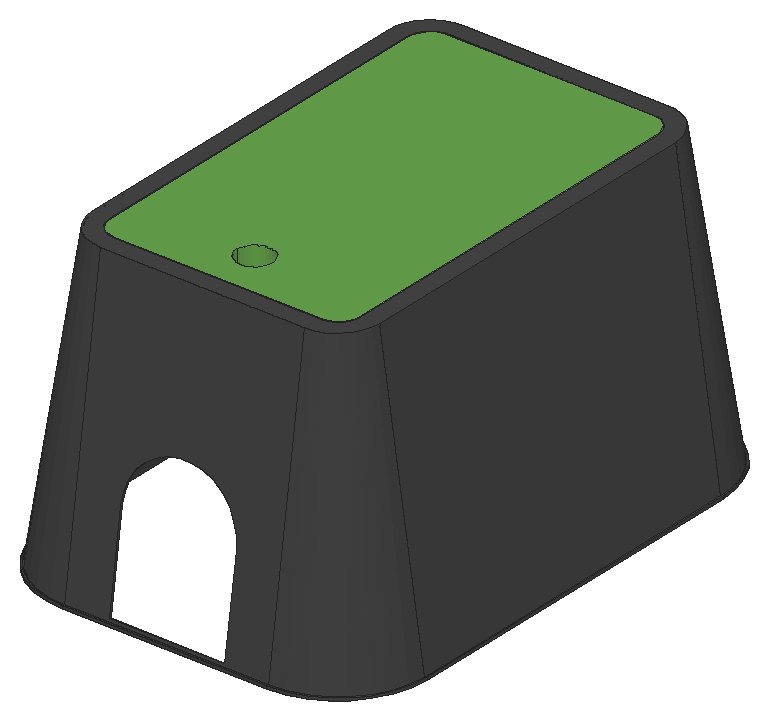
Revit family "PVB Professional Series - Mini Standard Valve Box", category Acessórios do tubo, Revit 2020
Family settings
  Cota do conector redondo = Utilizar diâmetro
  Tipo de parte = Normal
  Número OmniClass = 23.60.00.00
  Título OmniClass = General Purpose: Services
  Com base no plano de trabalho = Não
  Sempre na vertical = Sim
  Corte com vazios quando carregada = Não
  Compartilhado = Não
Parameters (values of type "Mini Standard Valve Box")
  DDT4 = 0.1 cm
  URL = "https://www.rainbird.com/"
  Top Width = 24.13 cm
  Top Length = 38.1 cm
  Top = 38.1 cm
  SupportProjetos: Reviw Date = ""  # constant formula
  SupportProjetos: Reviw = "R00"  # constant formula
  SupportProjetos: Level of Detail = "LOD300"  # constant formula
  SupportProjetos: Developed = "MICHEL SOARES MOTA"  # constant formula
  SupportProjetos: Creation Date = "05/09/2020"  # constant formula
  RainBird: Product Link = "https://www.rainbird.com/"
  RainBird: Description = "PVB Professional Series - Mini Standard Valve Box"
  RainBird: Comment = ""
  RainBird: Code = "A12516"  # constant formula
  R = 3.5 cm
  Plastic 2 = Green
  Plastic 1 = Black
  Open/Close Box [instance] = yes
  Modelo = "STDEXT"
  Height = 25.4 cm
  Elevação padrão = 0 cm
  Descrição = RainBird: Description  # "PVB Professional Series - Mini Standard Valve Box"
  DDT6 = 1.5 cm
  DDT5 = 2 cm
  DDT3 = Bottom / 2  # 22.8494 cm
  DDT2 = Top / 2  # 19.05 cm
  DDT1 = 0.1 cm
  Bottom = 45.6989 cm
Reference planes (cm)
  plane 1 "Centro (Frente/Trás)": y = 0
  plane 2: z = 0
  plane 3 "Centro (Esquerda/Direita)": x = 0
Forms (cm)
  Sweep 1, solid, material "Black" <- "Plastic 1"
    path origin (0, 0, 0) x (1, 0, 0) y (0, 1, 0)
      loop
        arc (-8.565, 19.05) -> (-11.0399, 18.0249) -> (-12.065, 15.55) r 3.5
        line (-12.065, 15.55) -> (-12.065, -15.55)
        arc (-12.065, -15.55) -> (-11.0399, -18.0249) -> (-8.565, -19.05) r 3.5
        line (-8.565, -19.05) -> (8.565, -19.05)
        arc (8.565, -19.05) -> (11.0399, -18.0249) -> (12.065, -15.55) r 3.5
        line (12.065, -15.55) -> (12.065, 15.55)
        arc (12.065, 15.55) -> (11.0399, 18.0249) -> (8.565, 19.05) r 3.5
        line (8.565, 19.05) -> (-8.565, 19.05)
    profile origin (0, 19.05, 0) x (0, 1, 0) y (0, 0, 1)
      loop
        line (0, 0) -> (-1.5, 0) -> (-1.5, -0.1) -> (-0.0861, -0.1) -> (3.7133, -25.4) -> (4.0274, -25.4) -> (4.0274, -25.2) -> (3.9274, -25.2) -> (3.9274, -25.3) -> (3.7994, -25.3) -> (0, 0)
  Extrusion 2, solid, material "Green" <- "Plastic 2", visible <- "Open/Close Box"
    sketch origin (0, 0, 0) x (1, 0, 0) y (0, 1, 0)
      loop
        arc (-10.465, -15.6511) -> (-9.9381, -16.9231) -> (-8.6661, -17.45) r 1.7989
        line (-8.6661, -17.45) -> (8.6661, -17.45)
        arc (8.6661, -17.45) -> (9.9381, -16.9231) -> (10.465, -15.6511) r 1.7989
        line (10.465, -15.6511) -> (10.465, 15.55)
        arc (10.465, 15.55) -> (9.9085, 16.8935) -> (8.565, 17.45) r 1.9
        line (8.565, 17.45) -> (-8.6661, 17.45)
        arc (-8.6661, 17.45) -> (-9.9381, 16.9231) -> (-10.465, 15.6511) r 1.7989
        line (-10.465, 15.6511) -> (-10.465, -15.6511)
    from -2 to 0
  Extrusion 3, void
    sketch origin (0, 0, 0) x (1, 0, 0) y (0, 0, 1)
      loop
        line (-4.8436, -24.9953) -> (4.8436, -24.9953) -> (4.8436, -16.9953)
        arc (4.8436, -16.9953) -> (0, -12.1517) -> (-4.8436, -16.9953) r 4.8436
        line (-4.8436, -16.9953) -> (-4.8436, -24.9953)
    from -26.1264 to 25
  Extrusion 4, void
    sketch origin (0, 0, 0) x (1, 0, 0) y (0, 1, 0)
      loop
        circle (0, -13.6318) r 1.5
    from -2 to 0
Cuts and joins
  Extrusion 3 cuts Sweep 1
  Extrusion 4 cuts Extrusion 2
Dimensions and locks (cm)
  equal spacing: Sweep 1 sketch curve, plane 3 "Centro (Esquerda/Direita)", Sweep 1 sketch curve
  equal spacing: Sweep 1 sketch curve, plane 1 "Centro (Frente/Trás)", Sweep 1 sketch curve
  "Top Length": Sweep 1 sketch curve to Sweep 1 sketch curve
  "Top Width": Sweep 1 sketch curve to Sweep 1 sketch curve
  "DDT2": plane 1 "Centro (Frente/Trás)" to Sweep 1 sketch curve
  plane 1 "Centro (Frente/Trás)" to Sweep 1 sketch curve = 23.0774 cm
  level to Sweep 1 sketch curve = 25.4 cm
  "DDT1": Sweep 1 sketch curve to Sweep 1 sketch curve  (x5)
  "DDT5": level to Extrusion 2
  "DDT6": Sweep 1 sketch curve to Sweep 1 sketch curve
  "DDT4": Sweep 1 to Extrusion 2 sketch curve
  "DDT4": Extrusion 2 sketch curve to Sweep 1  (x3)
  "R": radius of Sweep 1 sketch curve  (x4)
  aligned and locked: level to plane 2
  aligned and locked: profile plane to Sweep 1 sketch curve
  aligned and locked: level to Extrusion 2
  aligned and locked: Extrusion 2 to Extrusion 4  (x2)
Automatic sketch dimensions
  Extrusion 2 sketch curve to Extrusion 2 sketch curve = 1.7989 cm  (x3)
  plane 3 "Centro (Esquerda/Direita)" to Extrusion 2 sketch curve = 8.565 cm
  Extrusion 3 sketch curve to plane 3 "Centro (Esquerda/Direita)" = 0 cm
  Extrusion 3 sketch curve to plane 3 "Centro (Esquerda/Direita)" = 4.8436 cm
  Extrusion 3 sketch curve to level = 16.9953 cm
  Extrusion 3 sketch curve to Extrusion 3 sketch curve = 8 cm
  Extrusion 4 sketch curve to plane 3 "Centro (Esquerda/Direita)" = 0 cm
  plane 1 "Centro (Frente/Trás)" to Extrusion 4 sketch curve = 13.6318 cm
  profile plane to Sweep 1 sketch curve = 0.0861 cm
  radius of Extrusion 4 sketch curve = 1.5 cm
